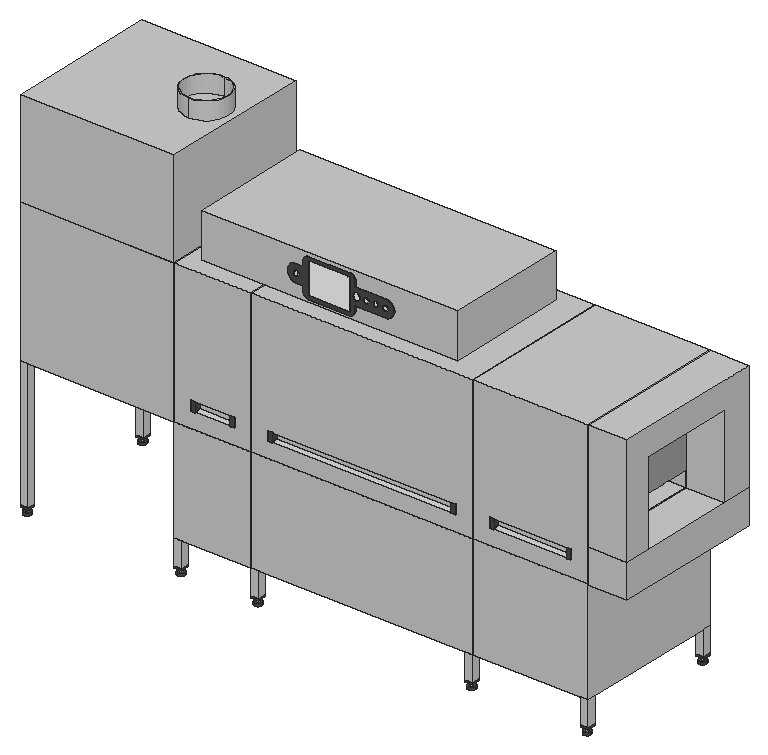
Revit family "QF_PROVA", category Attrezzature speciali, Revit 2017
Family settings
  Quota connettore circolare = Usa diametro
  Tipo di parte = Normale
  Basato su piano di lavoro = No
  Sempre verticale = Sì
  Taglio con vuoti quando caricato = No
  Condiviso = No
  Punto di calcolo locali = No
Parameters
  URL catalogo = "https://www.comenda.eu/site/assets/files/2458/ac2e.pdf"
  URL = "https://www.comenda.eu/"
  Tipo di raccordo elettrico = "Three-phase neutral"
  Tensione = 400 V
  Temperatura raccomandata per acqua fredda  = 12 °C
  Temperatura raccomandata per acqua calda  = 55 °C
  Temperatura dell'aria evacuata = 35 °C
  Protezione contro le sovracorrenti = 125 A
  Profondità = 790 mm
  Produttore = "Comenda"
  Pressione minima acqua calda = 2.0 bar
  Potenza in CV = "52.24"
  Potenza elettrica = 38420 W
  Portata di evacuazione = 1685.0 m³/h
  Phase = 3
  Pessione minima acqua fredda = 2.0 bar
  Peso netto = 320.00 kg
  Omniclass numero e denominazione = "23.40.40.14 Food Service Equipment"
  Numero dei poli = 3
  Modello = "AC2EP6N"
  Lunghezza = 3150 mm
  Frequenza = 50 Hz
  Flusso acqua fredda = 4.7 L/min
  Diametro raccordo acqua calda = 19.1 mm
  Diametro dello scarico diretto di acqua = 100 mm
  Diametro condotto di evacuazione = 230 mm
  Diametro condotta acqua fredda = 19.1 mm
  Descrizione = "600 mm PREWASH ZONE, 1150 mm WASH ZONE, 400 mm DOUBLE RINSE ZONE, 800 mm DRYING ZONE WITH INTEGRATED HEAT RECOVERY UNIT"
  Corrente di funzionamento normale = 62.9 A
  Codice assieme = "60BE03440"
  Altezza connessione scarico diretto = 170 mm
  Altezza connessione elettrica = 1615 mm
  Altezza connessione acqua fredda = 234 mm
  Altezza connessione acqua calda = 234 mm
  Altezza = 2000 mm
Reference planes
  plane 1 "Centro (Fronte/Retro)": y = 0
  plane 2: z = 0
  plane 3 "Centro (Sinistra/Destra)": x = 0
Lines and regions (mm)
  symbolic lines, style "QF_Clearance", detail levels coarse+medium
    curve 1: line (0, 100, 0) -> (-3150, 100, 0)
  symbolic lines, style "QF_Clearance", detail levels coarse
    curve 2: line (0, -1330, 0) -> (-3150, -1330, 0)
    curve 3: line (-1093.025, -265.203, 0) -> (-1253.025, -265.203, 0)
    curve 4: line (-1253.025, -265.203, 0) -> (-1253.025, -225.203, 0)
    curve 5: line (-1093.025, -345.203, 0) -> (-1253.025, -345.203, 0)
    curve 6: line (-1253.025, -345.203, 0) -> (-1253.025, -385.203, 0)
    curve 7: line (-1253.025, -225.203, 0) -> (-1348.365, -305.203, 0)
    curve 8: line (-1253.025, -385.203, 0) -> (-1348.365, -305.203, 0)
    curve 9: line (-1093.025, -265.203, 0) -> (-1093.025, -345.203, 0)
Dimensions and locks
  "Altezza connessione acqua calda": nested 3 to level
  "Altezza connessione acqua fredda": nested 3 to level
  "Lunghezza": nested 5 to nested 4
  "Profondità": nested 5 to nested 5
  "Altezza": nested 1 to level
  "Altezza connessione elettrica": nested 6 to level
  "Altezza connessione scarico diretto": nested 1 to level
  aligned and locked: level to plane 2
  aligned and locked: plane 3 "Centro (Sinistra/Destra)" to nested 4
  aligned and locked: plane 1 "Centro (Fronte/Retro)" to nested 4
  aligned and locked: plane 1 "Centro (Fronte/Retro)" to nested 1
  aligned and locked: nested 2 to plane 1 "Centro (Fronte/Retro)"
  aligned and locked: nested 3 to plane 1 "Centro (Fronte/Retro)"
  aligned and locked: nested 5 to plane 1 "Centro (Fronte/Retro)"
  aligned and locked: nested 1 to nested 4
  aligned and locked: nested 2 to nested 1
  aligned and locked: nested 3 to nested 2
  aligned and locked: nested 5 to nested 3
  aligned and locked: plane 3 "Centro (Sinistra/Destra)" to curve 1
  aligned and locked: curve 1 to nested 5
  aligned and locked: plane 3 "Centro (Sinistra/Destra)" to curve 2
  aligned and locked: nested 5 to curve 2
Automatic sketch dimensions
  plane 1 "Centro (Fronte/Retro)" to curve 7 = 305.203 mm
  curve 7 to plane 3 "Centro (Sinistra/Destra)" = 1348.365 mm
  plane 1 "Centro (Fronte/Retro)" to curve 8 = 385.203 mm
  curve 7 to curve 8 = 95.34 mm
  curve 3 to curve 5 = 0 mm
  curve 6 to curve 5 = 40 mm
  curve 5 to curve 3 = 80 mm
  curve 3 to curve 4 = 40 mm
  curve 3 to curve 3 = 160 mm
  plane 1 "Centro (Fronte/Retro)" to curve 2 = 1330 mm
  curve 1 to plane 1 "Centro (Fronte/Retro)" = 100 mm
Nested families
  nested 1: "QF_60-EM0-0" at (-500, 0, 0), type "QF_604EM010D"
  nested 2: "QF_60-EM0-0" at (-1375, 0, 0), type "QF_604EM000D"
  nested 3: "QF_60-EM0-0" at (-2150, 0, 0), type "QF_604EM040D"
  nested 4: "QF_602EA000" at (-200, 0, 0), type "602EA010"
  nested 5: "QF_602EM040" at (-2750, 0, 0), type "QF_604EA133D"
  nested 6: "QF_110903" at (-1612.08, -64.429, 0), type "QF_110903"
Connectors
  piping at (-1375, -540, 170), diameter 100, driven by "Diametro dello scarico diretto di acqua"
    settings: on nested 2, index 1, connector inside diameter 609.6 mm, connector length 0 mm, flow factor 0, pipe flow 0.0 L/min, pressure drop 0.0 bar, fitting loss kfactor 0, connector angle 0.00°, fixture units 0, engagement length 0 mm, angle of deflection 0.00°, flow configuration 0, flow direction 2, fitting loss method 0, system type 16, joint type 0, gender type 0, connector reference index -1, connector utility 0, adjustable connector no, is connector primary yes, connector description "QF_Drain point"
  piping at (-500, -475, 170), diameter 100, driven by "Diametro dello scarico diretto di acqua"
    settings: on nested 1, index 2, connector inside diameter 609.6 mm, connector length 0 mm, flow factor 0, pipe flow 0.0 L/min, pressure drop 0.0 bar, fitting loss kfactor 0, connector angle 0.00°, fixture units 0, engagement length 0 mm, angle of deflection 0.00°, flow configuration 0, flow direction 2, fitting loss method 0, system type 16, joint type 0, gender type 0, connector reference index -1, connector utility 0, adjustable connector no, is connector primary no, connector description "QF_Drain point"
  piping at (-2355, -323, 234), diameter 19.1, driven by "Diametro raccordo acqua calda", driven by "Pessione minima acqua fredda"
    settings: on nested 3, index 3, connector inside diameter 609.6 mm, connector length 0 mm, flow factor 0, pipe flow 0.0 L/min, pressure drop 2.0 bar, fitting loss kfactor 0, connector angle 0.00°, fixture units 0, engagement length 0 mm, angle of deflection 0.00°, flow configuration 0, flow direction 1, fitting loss method 4, system type 19, joint type 0, gender type 0, connector reference index -1, connector utility 0, adjustable connector no, is connector primary no, connector description "QF_Hot water inlet"
  piping at (-2355, -453, 234), diameter 19.1, driven by "Flusso acqua fredda", driven by "Pessione minima acqua fredda", driven by "Diametro condotta acqua fredda"
    settings: on nested 3, index 4, connector inside diameter 609.6 mm, connector length 0 mm, flow factor 0, pipe flow 4.7 L/min, pressure drop 2.0 bar, fitting loss kfactor 0, connector angle 0.00°, fixture units 0, engagement length 0 mm, angle of deflection 0.00°, flow configuration 0, flow direction 1, fitting loss method 4, system type 20, joint type 0, gender type 0, connector reference index -1, connector utility 0, adjustable connector no, is connector primary no, connector description "QF_Cold water inlet"
  hvac at (-2500, -395, 2040), driven by "Diametro condotto di evacuazione", driven by "Portata di evacuazione"
    settings: on nested 5, index 5, duct flow 1685.0 m³/h, flow factor 0, pres drop 0.0 Pa, loss coef 0, conn angle 0.00°, conn width 304.8 mm, conn height 304.8 mm, conn diameter 230 mm, duct sys type 3, conn prof type 0, flow config 0, flow direction 2, loss method 0, conn ref index -1, conn util no, is conn primary yes, conn desc "QF_Exhaust air"
  electrical at (-1047.08, -62.429, 1630), driven by "Numero dei poli", driven by "Tensione"
    settings: on nested 6, index 6, voltage 400 V, apparent load 0 VA, apparent load phase1 0 VA, apparent load phase2 0 VA, apparent load phase3 0 VA, power factor 1, load classification "Altro", number of poles 3, system type 30, power factor state 1, is connector primary yes, connector utility no, sub classification motor no, connector description "QF_Electrical connection"
Definition of nested family "QF_60-EM0-0"
  Parameters (values of type "QF_604EM040D")
    RIGHT WATER CONNECTION = no
    RIGHT FEET = no
    LOADING HEIGHT = 880 mm
    LENGTH = 400 mm
    LEFT WATER CONNECTION = yes
    LEFT FEET = yes
    INTERFACE = no
    ELECTRICAL CONNECTION = no
    DRAIN POINT FROM THE SIDE = 200 mm
    DRAIN POINT FROM BEHIND = 475 mm
    DRAIN POINT = no
    CENTRALIZED DRAIN POINT ON THE RIGHT = no
    CENTRALIZED DRAIN POINT ON THE LEFT = no
  Types (18, lengths in mm): name | RIGHT WATER CONNECTION | RIGHT FEET | LENGTH | LEFT WATER CONNECTION | LEFT FEET | INTERFACE | ELECTRICAL CONNECTION | DRAIN POINT FROM THE SIDE | DRAIN POINT FROM BEHIND | DRAIN POINT
    QF_601EM020D | no | no | 900 | yes | yes | no | no | 450 | 475 | no
    QF_601EM020S | yes | yes | 900 | no | no | no | no | 450 | 475 | no
    QF_604EM030D | no | yes | 900 | no | no | no | no | 450 | 475 | yes
    QF_604EM030S | no | no | 900 | no | yes | no | no | 450 | 475 | yes
    QF_602EM000D | yes | yes | 1150 | no | yes | yes | yes | 575 | 540 | yes
    QF_602EM000S | yes | yes | 1150 | no | yes | yes | yes | 575 | 540 | yes
    QF_604EM000S | no | yes | 1150 | no | yes | no | no | 575 | 540 | yes
    QF_604EM000D | no | yes | 1150 | no | yes | no | no | 575 | 540 | yes
    QF_602EM010D | yes | yes | 500 | no | no | no | no | 280 | 475 | yes
    QF_602EM010S | no | no | 500 | no | yes | no | no | 280 | 475 | yes
    QF_604EM010D | no | yes | 600 | no | no | no | no | 300 | 475 | yes
    QF_604EM010S | no | no | 600 | no | yes | no | no | 300 | 475 | yes
    QF_604EM040D | no | no | 400 | yes | yes | no | no | 200 | 475 | no
    QF_604EM040S | yes | yes | 400 | no | no | no | no | 200 | 475 | no
    QF_601EM060D | no | no | 400 | no | yes | no | no | 200 | 475 | no
    QF_601EM060S | no | yes | 400 | no | no | no | no | 200 | 475 | no
    QF_601EM070D | no | no | 600 | no | yes | no | no | 300 | 475 | no
    QF_601EM070S | no | yes | 600 | no | no | no | no | 300 | 475 | no
  Reference planes
    plane 1 "Centro (Fronte/Retro)": y = 0
    plane 2: z = 0
    plane 3 "Centro (Sinistra/Destra)": x = 0
  Forms (mm)
    Extrusion 1, solid
      sketch origin (0, 0, 0) x (1, 0, 0) y (0, 1, 0)
        loop
          line (-200, 0) -> (-200, -790) -> (200, -790) -> (200, 0) -> (-200, 0)
      from 170 to 710
    Extrusion 2, solid, visible <- "LEFT FEET"
      sketch origin (0, 0, 0) x (1, 0, 0) y (0, 1, 0)
        loop
          line (-200, 0) -> (-200, -40) -> (-160, -40) -> (-160, 0) -> (-200, 0)
        loop
          line (-200, -790) -> (-160, -790) -> (-160, -750) -> (-200, -750) -> (-200, -790)
      from 40 to 170
    Extrusion 3, solid, visible <- "RIGHT FEET"
      sketch origin (0, 0, 0) x (1, 0, 0) y (0, 1, 0)
        loop
          line (200, 0) -> (160, 0) -> (160, -40) -> (200, -40) -> (200, 0)
        loop
          line (200, -790) -> (200, -750) -> (160, -750) -> (160, -790) -> (200, -790)
      from 40 to 170
    Extrusion 4, solid, visible <- "LEFT FEET", detail levels fine
      sketch origin (0, 0, 40) x (0, 1, 0) y (1, 0, 0)
        loop
          line (-790, -200) -> (-750, -200) -> (-750, -160) -> (-790, -160) -> (-790, -200)
        loop
          line (-40, -200) -> (0, -200) -> (0, -160) -> (-40, -160) -> (-40, -200)
      from 0 to 10
    Extrusion 5, solid, visible <- "RIGHT FEET", detail levels fine
      sketch origin (0, 0, 40) x (0, 1, 0) y (1, 0, 0)
        loop
          line (-790, 200) -> (-790, 160) -> (-750, 160) -> (-750, 200) -> (-790, 200)
        loop
          line (-40, 200) -> (-40, 160) -> (0, 160) -> (0, 200) -> (-40, 200)
      from 0 to 10
    Extrusion 6, solid, visible <- "LEFT FEET"
      sketch origin (0, 0, 0) x (1, 0, 0) y (0, 1, 0)
        loop
          circle (-180, -20) r 20
        loop
          circle (-180, -770) r 20
      from 0 to 10
    Extrusion 7, solid, visible <- "RIGHT FEET"
      sketch origin (0, 0, 0) x (1, 0, 0) y (0, 1, 0)
        loop
          circle (180, -20) r 20
        loop
          circle (180, -770) r 20
      from 0 to 10
    Extrusion 8, solid, visible <- "RIGHT FEET"
      sketch origin (0, 0, 0) x (1, 0, 0) y (0, 1, 0)
        loop
          circle (180, -770) r 5
        loop
          circle (180, -20) r 5
      from 0 to 30
    Extrusion 9, solid, visible <- "LEFT FEET"
      sketch origin (0, 0, 0) x (1, 0, 0) y (0, 1, 0)
        loop
          circle (-180, -20) r 5
        loop
          circle (-180, -770) r 5
      from 0 to 30
    Extrusion 10, solid
      sketch origin (0, 0, 0) x (0, 1, 0) y (0, 0, 1)
        loop
          line (0, 710) -> (0, 1450) -> (-790, 1450) -> (-790, 710) -> (0, 710)
        loop
          line (-655, 1310) -> (-655, 880) -> (-155, 880) -> (-155, 1310) -> (-655, 1310)
      from -200 to 200
    Extrusion 11, solid, visible <- "DRAIN POINT", detail levels coarse
      sketch origin (0, 0, 170) x (0, 1, 0) y (1, 0, 0)
        loop
          circle (-475, 0) r 50
      from 0 to 10
    Blend 12, void, detail levels fine
      base sketch origin (0, -790, 710) x (0, 0, -1) y (-1, 0, 0)
        loop
          line (-130, 112) -> (-130, -112) -> (-80, -112) -> (-80, 112) -> (-130, 112)
      top sketch origin (0, -790, 710) x (0, 0, -1) y (-1, 0, 0)
        loop
          line (-120, 102) -> (-120, -102) -> (-90, -102) -> (-90, 102) -> (-120, 102)
      from 0 to 25
    Blend 13, solid, detail levels fine
      base sketch origin (0, -790, 710) x (0, 0, 1) y (-1, 0, 0)
        loop
          line (80, 112) -> (80, 92)
          arc (80, 92) -> (81.464, 88.464) -> (85, 87) r 5
          line (85, 87) -> (125, 87)
          arc (125, 87) -> (128.536, 88.464) -> (130, 92) r 5
          line (130, 92) -> (130, 112) -> (80, 112)
      top sketch origin (0, -790, 710) x (0, 0, 1) y (-1, 0, 0)
        loop
          line (120, 102) -> (90, 102) -> (90, 87) -> (120, 87) -> (120, 102)
      from 0 to -25
    Blend 14, solid, detail levels fine
      base sketch origin (0, -790, 710) x (0, 0, 1) y (-1, 0, 0)
        loop
          line (80, -112) -> (130, -112) -> (130, -92)
          arc (130, -92) -> (128.536, -88.464) -> (125, -87) r 5
          line (125, -87) -> (85, -87)
          arc (85, -87) -> (81.464, -88.464) -> (80, -92) r 5
          line (80, -92) -> (80, -112)
      top sketch origin (0, -790, 710) x (0, 0, 1) y (-1, 0, 0)
        loop
          line (90, -102) -> (120, -102) -> (120, -87) -> (90, -87) -> (90, -102)
      from 0 to -25
    Extrusion 15, solid, detail levels fine
      sketch origin (200, 0, 0) x (0, 1, 0) y (0, 0, 1)
        loop
          line (-655, 1310) -> (-655, 960) -> (-607, 960) -> (-607, 1210) -> (-603, 1210) -> (-603, 960) -> (-557, 960) -> (-557, 1210) -> (-553, 1210) -> (-553, 960) -> (-507, 960) -> (-507, 1210) -> (-503, 1210) -> (-503, 960) -> (-457, 960) -> (-457, 1210) -> (-453, 1210) -> (-453, 960) -> (-407, 960) -> (-407, 1210) -> (-403, 1210) -> (-403, 960) -> (-357, 960) -> (-357, 1210) -> (-353, 1210) -> (-353, 960) -> (-307, 960) -> (-307, 1210) -> (-303, 1210) -> (-303, 960) -> (-257, 960) -> (-257, 1210) -> (-253, 1210) -> (-253, 960) -> (-207, 960) -> (-207, 1210) -> (-203, 1210) -> (-203, 960) -> (-155, 960) -> (-155, 1310) -> (-655, 1310)
      from 0 to -10
    Extrusion 16, solid, detail levels fine
      sketch origin (-200, 0, 0) x (0, -1, 0) y (0, 0, 1)
        loop
          line (155, 1310) -> (155, 960) -> (203, 960) -> (203, 1210) -> (207, 1210) -> (207, 960) -> (253, 960) -> (253, 1210) -> (257, 1210) -> (257, 960) -> (303, 960) -> (303, 1210) -> (307, 1210) -> (307, 960) -> (353, 960) -> (353, 1210) -> (357, 1210) -> (357, 960) -> (403, 960) -> (403, 1210) -> (407, 1210) -> (407, 960) -> (453, 960) -> (453, 1210) -> (457, 1210) -> (457, 960) -> (503, 960) -> (503, 1210) -> (507, 1210) -> (507, 960) -> (553, 960) -> (553, 1210) -> (557, 1210) -> (557, 960) -> (603, 960) -> (603, 1210) -> (607, 1210) -> (607, 960) -> (655, 960) -> (655, 1310) -> (155, 1310)
      from 0 to -10
    Extrusion 17, solid, visible <- "INTERFACE", detail levels fine
      sketch origin (200, -790, 0) x (-1, 0, 0) y (0, 0, -1)
        loop
          arc (280, -619.644) -> (294.142, -613.786) -> (300, -599.644) r 20
          line (300, -599.644) -> (300, -490)
          arc (300, -490) -> (294.142, -475.858) -> (280, -470) r 20
          line (280, -470) -> (70, -470)
          arc (70, -470) -> (55.858, -475.858) -> (50, -490) r 20
          line (50, -490) -> (50, -599.644)
          arc (50, -599.644) -> (55.858, -613.786) -> (70, -619.644) r 20
          line (70, -619.644) -> (280, -619.644)
        loop
          arc (280, -609.644) -> (287.071, -606.715) -> (290, -599.644) r 10
          line (290, -599.644) -> (290, -490)
          arc (290, -490) -> (287.071, -482.929) -> (280, -480) r 10
          line (280, -480) -> (70, -480)
          arc (70, -480) -> (62.929, -482.929) -> (60, -490) r 10
          line (60, -490) -> (60, -599.644)
          arc (60, -599.644) -> (62.929, -606.715) -> (70, -609.644) r 10
          line (70, -609.644) -> (280, -609.644)
      from 0 to 2
    Extrusion 18, solid, visible <- "INTERFACE", detail levels fine
      sketch origin (200, -790, 0) x (-1, 0, 0) y (0, 0, -1)
        loop
          arc (280, -609.644) -> (287.071, -606.715) -> (290, -599.644) r 10
          line (290, -599.644) -> (290, -490)
          arc (290, -490) -> (287.071, -482.929) -> (280, -480) r 10
          line (280, -480) -> (70, -480)
          arc (70, -480) -> (62.929, -482.929) -> (60, -490) r 10
          line (60, -490) -> (60, -599.644)
          arc (60, -599.644) -> (62.929, -606.715) -> (70, -609.644) r 10
          line (70, -609.644) -> (280, -609.644)
      from 0 to 2
    Extrusion 19, solid, visible <- "RIGHT WATER CONNECTION"
      sketch origin (200, 0, 0) x (0, -1, 0) y (0, 0, -1)
        loop
          circle (323, -234) r 9.55
        loop
          circle (453, -234) r 9.55
      from 0 to 5
    Extrusion 20, solid, visible <- "LEFT WATER CONNECTION"
      sketch origin (-200, -790, 0) x (0, 1, 0) y (0, 0, -1)
        loop
          circle (467, -234) r 9.55
        loop
          circle (337, -234) r 9.55
      from 0 to 5
    Extrusion 21, solid, visible <- "CENTRALIZED DRAIN POINT ON THE LEFT", detail levels coarse
      sketch origin (0, 0, 170) x (0, 1, 0) y (1, 0, 0)
        loop
          circle (-190, -150) r 50
      from 0 to 25
    Extrusion 22, solid, visible <- "CENTRALIZED DRAIN POINT ON THE RIGHT", detail levels coarse
      sketch origin (0, 0, 170) x (0, 1, 0) y (1, 0, 0)
        loop
          circle (-190, 150) r 50
      from 0 to 25
    Extrusion 23, solid, visible <- "ELECTRICAL CONNECTION", detail levels coarse
      sketch origin (0, 0, 170) x (0, 1, 0) y (1, 0, 0)
        loop
          circle (-715, -50) r 20
      from 0 to 25
    Extrusion 24, solid, detail levels coarse
      sketch origin (0, -790, 1450) x (0, 1, 0) y (-1, 0, 0)
        loop
          line (0, 200) -> (0, -200) -> (55, -200) -> (55, 200) -> (0, 200)
      from 0 to 550
  Cuts and joins
    Blend 12 cuts Extrusion 10
  Dimensions and locks
    equal spacing: Extrusion 1 sketch curve, plane 3 "Centro (Sinistra/Destra)", Extrusion 1 sketch curve
    "LENGTH": Extrusion 1 sketch curve to Extrusion 1 sketch curve
    locked: Extrusion 1 sketch curve to plane 1 "Centro (Fronte/Retro)" at 790
    locked: Extrusion 1 to Extrusion 1 at 540
    locked: Extrusion 1 to Extrusion 2 sketch curve at 40  (x3)
    locked: Extrusion 2 to level at 40
    locked: Extrusion 3 sketch curve to plane 1 "Centro (Fronte/Retro)" at 40
    locked: Extrusion 3 sketch curve to Extrusion 1 at 40
    locked: Extrusion 1 to Extrusion 3 sketch curve at 40
    locked: Extrusion 1 to Extrusion 6 sketch curve at 20  (x4)
    locked: Extrusion 7 sketch curve to Extrusion 1 at 20  (x2)
    locked: Extrusion 1 to Extrusion 7 sketch curve at 20  (x2)
    locked: Extrusion 8 sketch curve to Extrusion 1 at 20  (x2)
    locked: Extrusion 1 to Extrusion 8 sketch curve at 20  (x2)
    locked: Extrusion 9 sketch curve to Extrusion 2 at 20  (x2)
    locked: Extrusion 2 to Extrusion 9 sketch curve at 20  (x2)
    locked: Extrusion 10 sketch curve to Extrusion 1 at 740
    locked: Extrusion 10 sketch curve to Extrusion 10 sketch curve at 140
    locked: Extrusion 10 sketch curve to Extrusion 10 sketch curve at 155
    locked: Extrusion 10 sketch curve to Extrusion 10 sketch curve at 500
    locked: Extrusion 10 sketch curve to Extrusion 10 sketch curve at 430
    "LOADING HEIGHT": Extrusion 10 to level
    "DRAIN POINT FROM THE SIDE": Extrusion 11 sketch curve to Extrusion 1
    "DRAIN POINT FROM BEHIND": Extrusion 1 to Extrusion 11 sketch curve
    locked: Extrusion 10 to Blend 12 sketch curve at 88  (x2)
    locked: Extrusion 10 to Blend 12 sketch curve at 80
    locked: Blend 12 sketch curve to Blend 12 sketch curve at 50
    locked: Blend 13 sketch curve to Blend 13 sketch curve at 25
    locked: Blend 14 sketch curve to Blend 14 sketch curve at 25
    locked: Extrusion 15 sketch curve to cut or joined group of Extrusion 10, Blend 12 at 80  (x2)
    locked: Extrusion 15 sketch curve to cut or joined group of Extrusion 10, Blend 12 at 100
    locked: Extrusion 1 to Extrusion 17 sketch curve at 100
    locked: Extrusion 17 sketch curve to Extrusion 17 sketch curve at 250
    locked: Extrusion 17 sketch curve to Extrusion 1 at 300
    locked: Extrusion 17 sketch curve to Extrusion 17 sketch curve at 149.644
    locked: Extrusion 17 sketch curve to Extrusion 17 sketch curve at 10  (x4)
    locked: Extrusion 1 to Extrusion 19 sketch curve at 64  (x2)
    locked: Extrusion 19 sketch curve to Extrusion 1 at 323
    locked: Extrusion 19 sketch curve to Extrusion 1 at 453
    locked: Extrusion 1 to Extrusion 20 sketch curve at 64  (x2)
    locked: Extrusion 1 to Extrusion 20 sketch curve at 323
    locked: Extrusion 1 to Extrusion 20 sketch curve at 453
    locked: Extrusion 1 to Extrusion 21 sketch curve at 190
    locked: Extrusion 21 sketch curve to Extrusion 1 at 50
    locked: Extrusion 1 to Extrusion 22 sketch curve at 190
    locked: Extrusion 1 to Extrusion 22 sketch curve at 50
    locked: Extrusion 1 to Extrusion 23 sketch curve at 250
    locked: Extrusion 1 to Extrusion 23 sketch curve at 75
    locked: Extrusion 1 to Extrusion 24 sketch curve at 55
    aligned and locked: level to plane 2
    aligned and locked: plane 1 "Centro (Fronte/Retro)" to Extrusion 1 sketch curve
    aligned and locked: Extrusion 1 to Extrusion 2 sketch curve
    aligned and locked: Extrusion 2 sketch curve to Extrusion 2 sketch curve
    aligned and locked: Extrusion 2 sketch curve to Extrusion 1
    aligned and locked: Extrusion 2 to Extrusion 1
    aligned and locked: Extrusion 3 sketch curve to Extrusion 1  (x3)
    aligned and locked: Extrusion 1 to Extrusion 3 sketch curve
    aligned and locked: Extrusion 3 sketch curve to Extrusion 3 sketch curve
    aligned and locked: Extrusion 3 to Extrusion 1
    aligned and locked: Extrusion 2 to Extrusion 3
    aligned and locked: Extrusion 4 sketch curve to Extrusion 2  (x8)
    aligned and locked: Extrusion 5 sketch curve to Extrusion 3  (x8)
    aligned and locked: Extrusion 8 to Extrusion 5
    aligned and locked: Extrusion 8 to level
    aligned and locked: Extrusion 7 to level
    aligned and locked: Extrusion 9 to Extrusion 4
    aligned and locked: Extrusion 9 to level
    aligned and locked: Extrusion 10 sketch curve to Extrusion 1  (x3)
    aligned and locked: Extrusion 1 to Extrusion 10
    aligned and locked: Extrusion 10 to Extrusion 1
    aligned and locked: Blend 13 sketch curve to cut or joined group of Extrusion 10, Blend 12  (x5)
    aligned and locked: cut or joined group of Extrusion 10, Blend 12 to Blend 13 sketch curve
    aligned and locked: var sketch to Blend 13 sketch curve
    aligned and locked: Blend 13 to cut or joined group of Extrusion 10, Blend 12
    aligned and locked: Blend 13 to Extrusion 1
    aligned and locked: Blend 14 sketch curve to cut or joined group of Extrusion 10, Blend 12  (x6)
    aligned and locked: Blend 14 sketch curve to var sketch
    aligned and locked: Blend 14 to cut or joined group of Extrusion 10, Blend 12
    aligned and locked: Extrusion 15 sketch curve to cut or joined group of Extrusion 10, Blend 12  (x3)
    aligned and locked: Extrusion 15 sketch curve to Extrusion 15 sketch curve  (x17)
    aligned and locked: Extrusion 15 to Extrusion 1
    aligned and locked: Extrusion 16 sketch curve to cut or joined group of Extrusion 10, Blend 12
    aligned and locked: Extrusion 16 sketch curve to Extrusion 15  (x39)
    aligned and locked: cut or joined group of Extrusion 10, Blend 12 to Extrusion 16
    aligned and locked: Extrusion 18 sketch curve to Extrusion 17  (x4)
    aligned and locked: Extrusion 24 sketch curve to Extrusion 1  (x3)
  Automatic sketch dimensions
    Extrusion 2 sketch curve to Extrusion 2 sketch curve = 40 mm  (x2)
    Blend 12 sketch curve to Blend 12 sketch curve = 30 mm
    Blend 12 sketch curve to Extrusion 10 = 98 mm  (x2)
    Blend 12 sketch curve to Extrusion 10 = 120 mm
    Blend 13 sketch curve to Blend 13 sketch curve = 0 mm  (x2)
    Blend 13 sketch curve to Blend 13 sketch curve = 5 mm  (x2)
    Blend 14 sketch curve to Blend 14 sketch curve = 0 mm  (x2)
    Blend 14 sketch curve to Blend 14 sketch curve = 5 mm  (x2)
    Extrusion 10 to Extrusion 15 sketch curve = 48 mm
    Extrusion 15 sketch curve to Extrusion 15 sketch curve = 4 mm  (x9)
    Extrusion 15 sketch curve to Extrusion 15 sketch curve = 46 mm  (x8)
    Extrusion 17 sketch curve to Extrusion 17 sketch curve = 0 mm  (x10)
    Extrusion 17 sketch curve to Extrusion 17 sketch curve = 20 mm
    Extrusion 18 sketch curve to Extrusion 18 sketch curve = 10 mm  (x3)
    Extrusion 18 sketch curve to Extrusion 18 sketch curve = 0 mm
    radius of Extrusion 6 sketch curve = 20 mm  (x2)
    radius of Extrusion 7 sketch curve = 20 mm  (x2)
    radius of Extrusion 8 sketch curve = 5 mm  (x2)
    radius of Extrusion 9 sketch curve = 5 mm  (x2)
    radius of Extrusion 19 sketch curve = 9.55 mm  (x2)
    radius of Extrusion 20 sketch curve = 9.55 mm  (x2)
    radius of Extrusion 21 sketch curve = 50 mm
    radius of Extrusion 22 sketch curve = 50 mm
    radius of Extrusion 23 sketch curve = 20 mm
    radius of Extrusion 11 sketch curve = 50 mm
Definition of nested family "QF_602EA000"
  Parameters (values of type "602EA000")
    LOADING HEIGHT = 880 mm
    LENGTH = 200 mm
    INTERFACE = no
    602EA120L = no
    602EA024S = no
    602EA024D = no
    602EA010 = no
    602EA000 = yes
  Types (3, lengths in mm): name | INTERFACE | 602EA010 | 602EA000
    602EA010 | no | yes | no
    602EA000 | no | no | yes
    604EA000 | yes | no | no
  Reference planes
    plane 1 "Centro (Fronte/Retro)": y = 0
    plane 2: z = 0
    plane 3 "Centro (Sinistra/Destra)": x = 0
  Forms (mm)
    Extrusion 1, solid
      sketch origin (0, 0, 0) x (0, 1, 0) y (0, 0, 1)
        loop
          line (0, 880) -> (0, 1450) -> (-790, 1450) -> (-790, 880) -> (-655, 880) -> (-655, 1310) -> (-155, 1310) -> (-155, 880) -> (0, 880)
      from 0 to 200
    Extrusion 2, solid
      sketch origin (0, 0, 0) x (0, 1, 0) y (0, 0, 1)
        loop
          line (-790, 880) -> (-790, 704) -> (0, 704) -> (0, 880) -> (-790, 880)
      from 0 to 200
    Extrusion 3, solid, visible <- "602EA000"
      sketch origin (0, 0, 0) x (0, 1, 0) y (0, 0, 1)
        loop
          line (0, 1450) -> (-790, 1450) -> (-790, 970) -> (-655, 925) -> (-655, 1310) -> (-155, 1310) -> (-155, 925) -> (0, 970) -> (0, 1450)
      from 0 to 200
    Extrusion 4, solid, visible <- "602EA120L"
      sketch origin (0, 0, 1450) x (0, -1, 0) y (1, 0, 0)
        loop
          circle (395, 100) r 90
        loop
          circle (395, 100) r 88
      from 0 to 90
    Extrusion 5, solid, visible <- "INTERFACE", detail levels fine
      sketch origin (0, -790, 1350) x (0, 0, -1) y (1, 0, 0)
        loop
          line (-50, 25) -> (150, 25) -> (150, 175) -> (-50, 175) -> (-50, 102)
          arc (-50, 102) -> (-48, 100) -> (-50, 98) r 2
          line (-50, 98) -> (-50, 25)
        loop
          line (-30, 45) -> (130, 45) -> (130, 155) -> (-30, 155) -> (-30, 45)
      from 0 to 2
    Extrusion 6, solid, visible <- "INTERFACE", detail levels fine
      sketch origin (0, -790, 1350) x (0, 0, -1) y (1, 0, 0)
        loop
          line (-30, 45) -> (130, 45) -> (130, 155) -> (-30, 155) -> (-30, 45)
      from 0 to 2
    Extrusion 7, solid, visible <- "602EA024D"
      sketch origin (0, -790, 1350) x (0, 0, -1) y (1, 0, 0)
        loop
          line (-100, 200) -> (-20, 200) -> (-70, 400) -> (-100, 400) -> (-100, 200)
      from 0 to -790
    Extrusion 8, solid, visible <- "602EA024S"
      sketch origin (0, -790, 1350) x (0, 0, -1) y (1, 0, 0)
        loop
          line (-100, 0) -> (-100, -200) -> (-70, -200) -> (-20, 0) -> (-100, 0)
      from 0 to -790
  Dimensions and locks
    "LOADING HEIGHT": Extrusion 1 sketch curve to level
    Extrusion 1 sketch curve to Extrusion 1 sketch curve = 135 mm
    locked: Extrusion 1 sketch curve to Extrusion 1 sketch curve at 430
    locked: Extrusion 1 sketch curve to Extrusion 1 sketch curve at 140
    locked: Extrusion 1 sketch curve to Extrusion 1 sketch curve at 790
    locked: Extrusion 1 sketch curve to Extrusion 1 sketch curve at 155
    "LENGTH": Extrusion 1 to plane 3 "Centro (Sinistra/Destra)"
    locked: Extrusion 2 sketch curve to Extrusion 2 sketch curve at 176
    locked: Extrusion 1 to Extrusion 3 sketch curve at 525  (x2)
    locked: Extrusion 1 to Extrusion 3 sketch curve at 480  (x2)
    equal spacing: Extrusion 3, Extrusion 4 sketch curve, Extrusion 3  (x2)
    locked: Extrusion 3 to Extrusion 5 sketch curve at 50
    Extrusion 5 sketch curve to Extrusion 5 sketch curve = 200 mm
    locked: Extrusion 5 sketch curve to Extrusion 5 sketch curve at 20  (x4)
    locked: Extrusion 5 sketch curve to Extrusion 5 sketch curve at 75
    locked: Extrusion 5 sketch curve to Extrusion 5 sketch curve at 150
    equal spacing: Extrusion 3, Extrusion 5 sketch curve, Extrusion 3
    locked: Extrusion 7 sketch curve to Extrusion 3 at 200
    locked: Extrusion 7 sketch curve to Extrusion 7 sketch curve at 30
    locked: Extrusion 7 sketch curve to Extrusion 7 sketch curve at 80
    locked: Extrusion 8 sketch curve to Extrusion 8 sketch curve at 30
    locked: Extrusion 8 sketch curve to Extrusion 3 at 200
    locked: Extrusion 8 sketch curve to Extrusion 8 sketch curve at 80
    aligned and locked: level to plane 2
    aligned and locked: Extrusion 1 sketch curve to Extrusion 1 sketch curve
    aligned and locked: Extrusion 2 sketch curve to Extrusion 1  (x2)
    aligned and locked: plane 1 "Centro (Fronte/Retro)" to Extrusion 2 sketch curve
    aligned and locked: Extrusion 2 to Extrusion 1
    aligned and locked: Extrusion 2 to plane 3 "Centro (Sinistra/Destra)"
    aligned and locked: Extrusion 3 sketch curve to Extrusion 1  (x4)
    aligned and locked: Extrusion 1 to Extrusion 3 sketch curve
    aligned and locked: Extrusion 3 to Extrusion 1
    aligned and locked: Extrusion 1 to Extrusion 3
    aligned and locked: Extrusion 6 sketch curve to Extrusion 5  (x4)
    aligned and locked: Extrusion 7 sketch curve to Extrusion 3  (x2)
    aligned and locked: Extrusion 1 to Extrusion 7
    aligned and locked: Extrusion 8 sketch curve to Extrusion 3
    aligned and locked: Extrusion 3 to Extrusion 8 sketch curve
    aligned and locked: Extrusion 1 to Extrusion 8  (x2)
  Automatic sketch dimensions
    Extrusion 3 sketch curve to Extrusion 3 sketch curve = 135 mm
    Extrusion 4 sketch curve to Extrusion 4 sketch curve = 0 mm  (x2)
    Extrusion 5 sketch curve to Extrusion 5 sketch curve = 2 mm
    Extrusion 1 sketch curve to plane 1 "Centro (Fronte/Retro)" = 0 mm
    radius of Extrusion 4 sketch curve = 90 mm
    radius of Extrusion 4 sketch curve = 88 mm
Definition of nested family "QF_602EM040"
  Parameters (values of type "QF_604EA134D")
    RIGHT FEET = no
    LOADING HEIGHT = 880 mm
    LENGTH = 800 mm
    LEFT FEET = yes
    604EA133S = no
    604EA133D = no
  Types (6, lengths in mm): name | RIGHT FEET | LENGTH | LEFT FEET | 604EA133S | 604EA133D
    QF_602EA040D | no | 600 | yes | no | no
    QF_602EA040S | yes | 600 | no | no | no
    QF_604EA133D | no | 800 | yes | no | yes
    QF_604EA133S | yes | 800 | no | yes | no
    QF_604EA134D | no | 800 | yes | no | no
    QF_604EA134S | yes | 800 | no | no | no
  Reference planes
    plane 1 "Centro (Fronte/Retro)": y = 0
    plane 2: z = 0
    plane 3 "Centro (Sinistra/Destra)": x = 0
  Forms (mm)
    Extrusion 1, solid
      sketch origin (0, 0, 0) x (0, 1, 0) y (0, 0, 1)
        loop
          line (0, 1450) -> (-790, 1450) -> (-790, 710) -> (0, 710) -> (0, 1450)
        loop
          line (-155, 1310) -> (-655, 1310) -> (-655, 880) -> (-155, 880) -> (-155, 1310)
      from -400 to 400
    Extrusion 2, solid
      sketch origin (0, 0, 1450) x (0, -1, 0) y (1, 0, 0)
        loop
          line (790, 400) -> (0, 400) -> (0, -400) -> (790, -400) -> (790, 400)
      from 0 to 500
    Extrusion 3, solid, visible <- "LEFT FEET"
      sketch origin (0, 0, 0) x (1, 0, 0) y (0, 1, 0)
        loop
          line (-400, 0) -> (-400, -40) -> (-360, -40) -> (-360, 0) -> (-400, 0)
        loop
          line (-400, -790) -> (-360, -790) -> (-360, -750) -> (-400, -750) -> (-400, -790)
      from 40 to 710
    Extrusion 4, solid, visible <- "RIGHT FEET"
      sketch origin (0, 0, 0) x (1, 0, 0) y (0, 1, 0)
        loop
          line (400, 0) -> (360, 0) -> (360, -40) -> (400, -40) -> (400, 0)
        loop
          line (400, -790) -> (400, -750) -> (360, -750) -> (360, -790) -> (400, -790)
      from 40 to 710
    Extrusion 5, solid, visible <- "LEFT FEET", detail levels fine
      sketch origin (0, 0, 40) x (0, 1, 0) y (1, 0, 0)
        loop
          line (-750, -360) -> (-790, -360) -> (-790, -400) -> (-750, -400) -> (-750, -360)
        loop
          line (0, -360) -> (-40, -360) -> (-40, -400) -> (0, -400) -> (0, -360)
      from 0 to 10
    Extrusion 6, solid, visible <- "RIGHT FEET", detail levels fine
      sketch origin (0, 0, 40) x (0, 1, 0) y (1, 0, 0)
        loop
          line (-750, 400) -> (-790, 400) -> (-790, 360) -> (-750, 360) -> (-750, 400)
        loop
          line (-40, 400) -> (-40, 360) -> (0, 360) -> (0, 400) -> (-40, 400)
      from 0 to 10
    Extrusion 7, solid, visible <- "LEFT FEET"
      sketch origin (0, 0, 0) x (1, 0, 0) y (0, 1, 0)
        loop
          circle (-380, -20) r 5
        loop
          circle (-380, -770) r 5
      from 0 to 40
    Extrusion 8, solid, visible <- "RIGHT FEET"
      sketch origin (0, 0, 0) x (1, 0, 0) y (0, 1, 0)
        loop
          circle (380, -20) r 5
        loop
          circle (380, -770) r 5
      from 0 to 40
    Extrusion 9, solid, visible <- "LEFT FEET"
      sketch origin (0, 0, 0) x (1, 0, 0) y (0, 1, 0)
        loop
          circle (-380, -20) r 20
        loop
          circle (-380, -770) r 20
      from 0 to 10
    Extrusion 10, solid, visible <- "RIGHT FEET"
      sketch origin (0, 0, 0) x (1, 0, 0) y (0, 1, 0)
        loop
          circle (380, -20) r 20
        loop
          circle (380, -770) r 20
      from 0 to 10
    Extrusion 11, solid, visible <- "604EA133S"
      sketch origin (0, 0, 1950) x (0, -1, 0) y (1, 0, 0)
        loop
          circle (395, -250) r 115
        loop
          circle (395, -250) r 113
      from 0 to 90
    Extrusion 12, solid, visible <- "604EA133D"
      sketch origin (0, 0, 1950) x (0, -1, 0) y (1, 0, 0)
        loop
          circle (395, 250) r 115
        loop
          circle (395, 250) r 113
      from 0 to 90
  Dimensions and locks
    locked: Extrusion 1 sketch curve to Extrusion 1 sketch curve at 790
    locked: Extrusion 1 sketch curve to Extrusion 1 sketch curve at 155
    locked: Extrusion 1 sketch curve to Extrusion 1 sketch curve at 500
    locked: Extrusion 1 sketch curve to Extrusion 1 sketch curve at 170
    locked: Extrusion 1 sketch curve to Extrusion 1 sketch curve at 140
    locked: Extrusion 1 sketch curve to Extrusion 1 sketch curve at 430
    "LOADING HEIGHT": level to Extrusion 1 sketch curve
    equal spacing: Extrusion 1, plane 3 "Centro (Sinistra/Destra)", Extrusion 1
    "LENGTH": Extrusion 1 to Extrusion 1
    locked: Extrusion 2 to Extrusion 3 sketch curve at 40  (x3)
    locked: Extrusion 3 to level at 40
    locked: Extrusion 2 to Extrusion 4 sketch curve at 40  (x2)
    locked: Extrusion 4 sketch curve to Extrusion 2 at 40  (x2)
    locked: Extrusion 5 to Extrusion 5 at 10
    locked: Extrusion 7 sketch curve to Extrusion 3 at 20  (x2)
    locked: Extrusion 3 to Extrusion 7 sketch curve at 20  (x2)
    locked: Extrusion 4 to Extrusion 8 sketch curve at 20  (x4)
    locked: Extrusion 2 to Extrusion 9 sketch curve at 20  (x2)
    locked: Extrusion 9 sketch curve to Extrusion 3 at 20
    locked: Extrusion 3 to Extrusion 9 sketch curve at 20
    locked: Extrusion 10 sketch curve to Extrusion 2 at 20
    locked: Extrusion 2 to Extrusion 10 sketch curve at 20  (x2)
    locked: Extrusion 4 to Extrusion 10 sketch curve at 20
    locked: Extrusion 9 to level at 10
    equal spacing: Extrusion 2, Extrusion 11 sketch curve, Extrusion 2
    locked: Extrusion 2 to Extrusion 11 sketch curve at 150
    equal spacing: Extrusion 2, Extrusion 12 sketch curve, Extrusion 2
    locked: Extrusion 12 sketch curve to Extrusion 2 at 150
    aligned and locked: level to plane 2
    aligned and locked: Extrusion 1 sketch curve to plane 1 "Centro (Fronte/Retro)"
    aligned and locked: Extrusion 2 sketch curve to Extrusion 1  (x4)
    aligned and locked: Extrusion 3 sketch curve to Extrusion 1  (x3)
    aligned and locked: Extrusion 1 to Extrusion 3 sketch curve
    aligned and locked: Extrusion 3 sketch curve to Extrusion 3 sketch curve
    aligned and locked: Extrusion 3 to Extrusion 1
    aligned and locked: Extrusion 4 sketch curve to Extrusion 1
    aligned and locked: Extrusion 4 sketch curve to Extrusion 2  (x2)
    aligned and locked: Extrusion 2 to Extrusion 4 sketch curve
    aligned and locked: Extrusion 4 to Extrusion 1
    aligned and locked: Extrusion 3 to Extrusion 4
    aligned and locked: Extrusion 5 sketch curve to Extrusion 3  (x8)
    aligned and locked: Extrusion 6 sketch curve to Extrusion 4  (x8)
    aligned and locked: Extrusion 5 to Extrusion 3
    aligned and locked: Extrusion 6 to Extrusion 3
    aligned and locked: Extrusion 5 to Extrusion 6
    aligned and locked: Extrusion 7 to Extrusion 3
    aligned and locked: Extrusion 8 to Extrusion 3
    aligned and locked: Extrusion 7 to level
    aligned and locked: Extrusion 8 to level
    aligned and locked: Extrusion 9 to level
    aligned and locked: Extrusion 10 to level
    aligned and locked: Extrusion 10 to Extrusion 9
  Automatic sketch dimensions
    Extrusion 11 sketch curve to Extrusion 11 sketch curve = 0 mm  (x2)
    Extrusion 12 sketch curve to Extrusion 12 sketch curve = 0 mm  (x2)
    radius of Extrusion 7 sketch curve = 5 mm  (x2)
    radius of Extrusion 8 sketch curve = 5 mm  (x2)
    radius of Extrusion 9 sketch curve = 20 mm  (x2)
    radius of Extrusion 10 sketch curve = 20 mm  (x2)
    radius of Extrusion 11 sketch curve = 115 mm
    radius of Extrusion 11 sketch curve = 113 mm
    radius of Extrusion 12 sketch curve = 115 mm
    radius of Extrusion 12 sketch curve = 113 mm
Definition of nested family "QF_110903"
  Parameters (values of type "QF_110903")
    LENGTH = 1330 mm
    INTERFACE = yes
    HEIGHT FROM THE FLOOR = 1450 mm
    ELECTRICAL CONNECTION = yes
  Types (2, lengths in mm): name | HEIGHT FROM THE FLOOR
    QF_110903 | 1450
    QF_110903A | 1575
  Reference planes
    plane 1 "Centro (Fronte/Retro)": y = 0
    plane 2: z = 0
    plane 3 "Centro (Sinistra/Destra)": x = 0
  Forms (mm)
    Extrusion 1, solid
      sketch origin (0, 0, 0) x (0, 1, 0) y (0, 0, 1)
        loop
          line (0, 1680) -> (-640, 1680) -> (-640, 1450) -> (0, 1450) -> (0, 1680)
      from -665 to 665
    Extrusion 2, solid
      sketch origin (0, 0, 1450) x (0, 0, 1) y (1, 0, 0)
        loop
          circle (180, 565) r 15
      from 0 to 2
    Extrusion 3, solid
      sketch origin (0, -640, 1680) x (0, 0, -1) y (1, 0, 0)
        loop
          line (72.25, -135.25) -> (72.25, -172.5)
          arc (72.25, -172.5) -> (117.25, -217.5) -> (162.25, -172.5) r 45
          line (162.25, -172.5) -> (162.25, -135.25) -> (186.5, -135.25)
          arc (186.5, -135.25) -> (207.713, -126.463) -> (216.5, -105.25) r 30
          line (216.5, -105.25) -> (216.5, 105.25)
          arc (216.5, 105.25) -> (207.713, 126.463) -> (186.5, 135.25) r 30
          line (186.5, 135.25) -> (162.25, 135.25) -> (162.25, 292.5)
          arc (162.25, 292.5) -> (117.25, 337.5) -> (72.25, 292.5) r 45
          line (72.25, 292.5) -> (72.25, 135.25) -> (48, 135.25)
          arc (48, 135.25) -> (26.787, 126.463) -> (18, 105.25) r 30
          line (18, 105.25) -> (18, 2)
          arc (18, 2) -> (20, 0) -> (18, -2) r 2
          line (18, -2) -> (18, -105.25)
          arc (18, -105.25) -> (26.787, -126.463) -> (48, -135.25) r 30
          line (48, -135.25) -> (72.25, -135.25)
        loop
          circle (117.25, 292.5) r 12.6
        loop
          circle (117.25, 242.5) r 12.6
        loop
          circle (117.25, 192.5) r 12.6
        loop
          circle (117.25, 142.5) r 17.5
        loop
          line (37.75, -107.5) -> (196.75, -107.5) -> (196.75, 107.5) -> (37.75, 107.5) -> (37.75, -107.5)
        loop
          circle (117.25, -172.5) r 12.6
      from 0 to 2
    Extrusion 4, solid
      sketch origin (0, -640, 1680) x (0, 0, -1) y (1, 0, 0)
        loop
          circle (117.25, -172.5) r 12.6
        loop
          circle (117.25, 142.5) r 17.5
        loop
          circle (117.25, 192.5) r 12.6
        loop
          circle (117.25, 242.5) r 12.6
        loop
          circle (117.25, 292.5) r 12.6
      from 0 to 2
    Extrusion 5, solid
      sketch origin (0, -640, 1680) x (0, 0, -1) y (1, 0, 0)
        loop
          line (37.75, -107.5) -> (196.75, -107.5) -> (196.75, 107.5) -> (37.75, 107.5) -> (37.75, -107.5)
      from 0 to 2
  Dimensions and locks
    locked: Extrusion 1 sketch curve to Extrusion 1 sketch curve at 230
    locked: Extrusion 1 sketch curve to plane 1 "Centro (Fronte/Retro)" at 640
    "HEIGHT FROM THE FLOOR": level to Extrusion 1 sketch curve
    equal spacing: Extrusion 1, plane 3 "Centro (Sinistra/Destra)", Extrusion 1
    "LENGTH": Extrusion 1 to Extrusion 1
    locked: Extrusion 1 to Extrusion 2 sketch curve at 100
    locked: Extrusion 2 sketch curve to Extrusion 1 at 50
    locked: Extrusion 1 to Extrusion 3 sketch curve at 18
    locked: Extrusion 3 sketch curve to Extrusion 3 sketch curve at 198.5
    locked: Extrusion 3 sketch curve to Extrusion 3 sketch curve at 215
    locked: Extrusion 3 sketch curve to Extrusion 3 sketch curve at 27.75  (x2)
    locked: Extrusion 3 sketch curve to Extrusion 3 sketch curve at 90  (x2)
    locked: Extrusion 3 sketch curve to Extrusion 3 sketch curve at 54.25  (x2)
    locked: Extrusion 3 sketch curve to Extrusion 3 sketch curve at 270.5
    locked: Extrusion 3 sketch curve to Extrusion 3 sketch curve at 65
    locked: Extrusion 3 sketch curve to Extrusion 3 sketch curve at 35
    locked: Extrusion 3 sketch curve to Extrusion 3 sketch curve at 85
    locked: Extrusion 3 sketch curve to Extrusion 3 sketch curve at 135
    locked: Extrusion 3 sketch curve to Extrusion 3 sketch curve at 185
    locked: Extrusion 3 sketch curve to Extrusion 3 sketch curve at 99.25  (x5)
    equal spacing: Extrusion 1, Extrusion 3 sketch curve, Extrusion 1
    aligned and locked: level to plane 2
    aligned and locked: Extrusion 4 sketch curve to Extrusion 3  (x10)
    aligned and locked: Extrusion 5 sketch curve to Extrusion 3  (x4)
  Automatic sketch dimensions
    Extrusion 3 sketch curve to Extrusion 3 sketch curve = 37.25 mm
    Extrusion 3 sketch curve to Extrusion 3 sketch curve = 24.25 mm
    Extrusion 3 sketch curve to Extrusion 3 sketch curve = 103.25 mm
    Extrusion 3 sketch curve to Extrusion 3 sketch curve = 4 mm
    Extrusion 3 sketch curve to Extrusion 3 sketch curve = 10.25 mm  (x3)
    Extrusion 3 sketch curve to Extrusion 3 sketch curve = 2.25 mm  (x2)
    Extrusion 3 sketch curve to Extrusion 3 sketch curve = 0 mm  (x2)
    Extrusion 1 sketch curve to plane 1 "Centro (Fronte/Retro)" = 0 mm
    radius of Extrusion 2 sketch curve = 15 mm
    radius of Extrusion 3 sketch curve = 12.6 mm  (x4)
    radius of Extrusion 3 sketch curve = 17.5 mm
